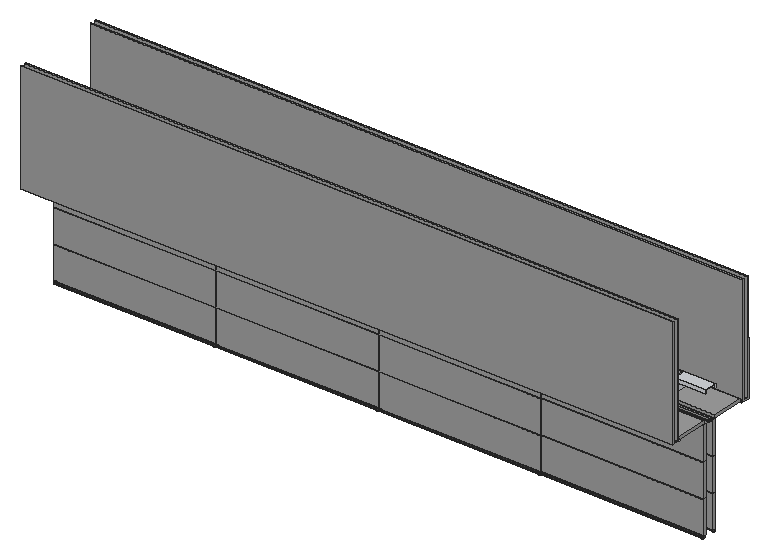
Revit family "Partition-3and1_Panels_High-Skyfold_Zenith_Premium-7-0_to_7-6_FC_2135_to_2285", category Generic Models, host Ceiling, Revit 2026 (continued)
Definition of nested family "2D Fold Panels"
  Definition of nested family "2D Int Panels"
    Lines and regions (in)
      model lines, in view "Ref. Level"
        curve 7: line (-17.26708, 0.66529, 0) -> (-17.87083, 0.62287, 0)
        curve 8: line (-17.87083, 0.62287, 0) -> (-17.87083, 0.75, 0)
        curve 9: line (-17.87083, 0.75, 0) -> (-17.55829, 0.75, 0)
        curve 10: line (-17.55829, 0.75, 0) -> (-17.55829, 2.25, 0)
        curve 11: line (-17.55829, 2.25, 0) -> (-26.32421, 2.25, 0)
        curve 12: line (-26.32421, 5.62447, 0) -> (-18.24583, 5.62447, 0)
        curve 13: line (-18.24583, 5.62447, 0) -> (-18.24583, 5.37447, 0)
        curve 14: line (-18.24583, 5.37447, 0) -> (-18.27783, 5.37447, 0)
        curve 15: line (-18.6207, 4.87447, 0) -> (-18.6207, 3.37447, 0)
        curve 16: line (-18.6207, 3.37447, 0) -> (-26.32421, 3.37447, 0)
        curve 17: line (-26.32421, 8.74947, 0) -> (-18.10103, 8.74947, 0)
        curve 18: line (-17.87053, 6.48506, 0) -> (-26.32421, 6.48506, 0)
      detail lines, in view "Ref. Level"
        curve 19: line (-18.27783, 5.55893, 0) -> (-18.27783, 5.37447, 0)
        curve 20: line (-18.77774, 5.57456, 0) -> (-18.29346, 5.57456, 0)
        curve 21: line (-18.77774, 4.87447, 0) -> (-18.77774, 5.57456, 0)
        curve 22: line (-18.77774, 4.87447, 0) -> (-18.6207, 4.87447, 0)
        curve 23: line (-17.87083, 0.25009, 0) -> (-17.87083, 0, 0)
        curve 24: line (-17.90283, 0.25009, 0) -> (-17.87083, 0.25009, 0)
        curve 25: line (-17.90283, 0.05, 0) -> (-17.90283, 0.25009, 0)
        curve 26: line (-18.40283, 0.05, 0) -> (-17.90283, 0.05, 0)
        curve 27: line (-18.40283, 0.75, 0) -> (-18.40283, 0.05, 0)
        curve 28: line (-18.40283, 0.75, 0) -> (-17.55829, 0.75, 0)
        curve 29: line (-17.87053, 6.49947, 0) -> (-17.87053, 6.74949, 0)
        curve 30: line (-17.87053, 6.74949, 0) -> (-17.07053, 6.74949, 0)
        curve 31: line (-17.07053, 6.74949, 0) -> (-17.07053, 6.78149, 0)
        curve 32: line (-17.07053, 6.78149, 0) -> (-18.10103, 6.78149, 0)
        curve 33: line (-18.10103, 6.78149, 0) -> (-18.10103, 8.74947, 0)
        curve 34: line (-20.65244, 12.74947, 0) -> (-17.4332, 12.74947, 0)
        curve 35: line (-20.65244, 12.74947, 0) -> (-17.4332, 12.74947, 0)
        curve 36: line (-20.15244, 12.24947, 0) -> (-20.12044, 12.24947, 0)
        curve 37: line (-20.12044, 11.9993, 0) -> (-20.12044, 12.24947, 0)
        curve 38: line (-20.15244, 12.24947, 0) -> (-20.15244, 12.04917, 0)
        curve 39: line (-20.65244, 12.04917, 0) -> (-20.65244, 12.74947, 0)
        curve 40: line (-17.4332, 13.68697, 0) -> (-17.4332, 12.74947, 0)
        curve 41: line (-18.23273, 13.68697, 0) -> (-17.4332, 13.68697, 0)
        curve 42: line (-18.86038, 14.24947, 0) -> (-18.23273, 13.68697, 0)
        curve 43: line (-26.32421, 11.9993, 0) -> (-20.12044, 11.9993, 0)
        curve 44: line (-26.32421, 14.24947, 0) -> (-18.86038, 14.24947, 0)
        curve 45: line (-20.65244, 12.04917, 0) -> (-20.15244, 12.04917, 0)
Definition of nested family "2D Unfold Panels"
  Parameters (values of type "Unfold panels")
    Wall thickness = 0' - 11 3/4"
    Total Panel Height = (Panel height * 3) + 0' 1"  # 7' - 0 5/8"
    Panel height = 2' - 3 7/8"
    Horizontal Panel Length = Panel height - 0' 1"  # 2' - 2 7/8"
    Height Distance Between  Panels = Panel height + 0' 0 1/2"  # 2' - 4 3/8"
    Assembly Code = ""
  Reference planes (in)
    plane 1: z = 0
    plane 2 "Center (Left/Right)": x = 0.69511
    plane 3: y = 64.46875
    plane 4: y = 36.09375
    plane 5: y = 8.21875
    plane 6: y = 92.84375
    plane 7: x = -5.17989
    plane 8: x = 6.57011
    plane 9: y = 93.71875
    plane 10: x = 6.29128
    plane 11: x = -4.90072
    plane 12: x = 33.16628
    plane 13: x = -31.77572
  Lines and regions (in)
    detail lines, in view "Ref. Level"
      curve 1: line (-5.17989, 88.56609, 0) -> (-5.17989, 66.65819, 0)
      curve 2: line (-2.92978, 88.84734, 0) -> (-2.92978, 66.93944, 0)
      curve 3: line (-5.17989, 61.43364, 0) -> (-5.17989, 38.40819, 0)
      curve 4: line (-2.92978, 61.46794, 0) -> (-2.92978, 38.40819, 0)
      curve 5: line (4.31999, 38.40819, 0) -> (4.31999, 61.43364, 0)
      curve 6: line (6.57011, 61.33844, 0) -> (6.57011, 38.31299, 0)
      curve 7: line (-2.92978, 33.32161, 0) -> (-2.92978, 9.92473, 0)
      curve 8: line (-5.17989, 9.92473, 0) -> (-5.17989, 33.32161, 0)
      curve 9: line (6.57011, 88.56609, 0) -> (6.57011, 66.65819, 0)
      curve 10: line (4.31999, 88.56609, 0) -> (4.31999, 66.65819, 0)
      curve 11: line (4.31999, 33.32161, 0) -> (4.31999, 9.92473, 0)
      curve 12: line (6.57011, 9.92473, 0) -> (6.57011, 33.32161, 0)
      curve 13: line (9.63119, 93.71875, 0) -> (30.86394, 93.71875, 0)
      curve 14: line (9.63119, 95.96886, 0) -> (31.06869, 95.96886, 0)
      curve 15: line (-8.24097, 93.71875, 0) -> (-29.21749, 93.71875, 0)
      curve 16: line (-8.24097, 95.96886, 0) -> (-29.42224, 95.96886, 0)
  Dimensions and locks (in)
    "Wall thickness": plane 7 to plane 8
    equal spacing: plane 7, plane 2 "Center (Left/Right)", plane 8
    "Height Distance Between  Panels": plane 6 to plane 3
    "Height Distance Between  Panels": plane 4 to plane 3
    plane 10 to plane 8 = 0' - 0.27882"
    plane 7 to plane 11 = 0' - 0.27918"
    "Horizontal Panel Length": plane 13 to plane 11
    "Horizontal Panel Length": plane 10 to plane 12
    "Panel height": plane 5 to plane 4
    aligned and locked: plane 2 "Center (Left/Right)" to nested 1
    aligned and locked: plane 2 "Center (Left/Right)" to nested 2
    aligned and locked: plane 2 "Center (Left/Right)" to nested 3
    aligned and locked: plane 2 "Center (Left/Right)" to nested 4
    aligned: plane 4 to nested 3
    aligned: nested 3 to plane 4
    aligned and locked: curve 8 to nested 2
    aligned and locked: curve 7 to nested 2
    aligned and locked: nested 3 to curve 4
    aligned and locked: curve 1 to plane 7
    aligned and locked: curve 3 to plane 7
    aligned and locked: curve 4 to nested 3
    aligned and locked: curve 6 to plane 8
    aligned and locked: plane 6 to nested 4
    aligned and locked: plane 5 to nested 1
    aligned and locked: nested 2 to plane 4
    aligned and locked: plane 10 to nested 5
    aligned and locked: plane 9 to nested 5
    aligned and locked: nested 6 to plane 9
    aligned and locked: plane 12 to nested 6
    aligned and locked: curve 13 to nested 6
    aligned and locked: curve 14 to nested 6
    aligned and locked: plane 11 to nested 7
    aligned and locked: plane 13 to nested 8
    aligned and locked: plane 9 to nested 7
    aligned and locked: nested 7 to curve 15
    aligned and locked: curve 16 to nested 8
    aligned and locked: plane 3 to nested 3
  Automatic sketch dimensions
    curve 12 to plane 8 = 0' - 0"
    curve 9 to plane 8 = 0' - 0"
    curve 6 to plane 8 = 0' - 0"
    curve 15 to plane 7 = 0' - 3.06108"
    curve 16 to curve 15 = 0' - 0"
    plane 13 to curve 15 = 0' - 2.55823"
    curve 16 to curve 15 = 0' - 0.20475"
    plane 11 to curve 2 = 0' - 1.97094"
    curve 5 to plane 10 = 0' - 1.97129"
    curve 10 to plane 10 = 0' - 1.97129"
    curve 11 to plane 10 = 0' - 1.97129"
    plane 8 to curve 13 = 0' - 3.06108"
    curve 14 to curve 13 = 0' - 0"
    curve 13 to plane 12 = 0' - 2.30235"
    curve 14 to plane 12 = 0' - 2.0976"
    plane 3 to curve 5 = 0' - 3.03511"
    curve 3 to curve 4 = 0' - 0.0343"
    curve 6 to curve 5 = 0' - 0.0952"
    curve 3 to plane 4 = 0' - 2.31444"
    curve 5 to plane 4 = 0' - 2.31444"
    curve 3 to curve 4 = 0' - 0"
    curve 6 to plane 4 = 0' - 2.21924"
    plane 4 to curve 12 = 0' - 2.77214"
    plane 4 to curve 7 = 0' - 2.77214"
    curve 11 to curve 12 = 0' - 0"
    curve 8 to curve 7 = 0' - 0"
    curve 12 to plane 5 = 0' - 1.70598"
    curve 8 to plane 5 = 0' - 1.70598"
    curve 7 to plane 5 = 0' - 1.70598"
    curve 11 to plane 5 = 0' - 1.70598"
    curve 9 to plane 3 = 0' - 2.18944"
    curve 10 to curve 9 = 0' - 0"  (x2)
    curve 1 to plane 3 = 0' - 2.18944"
    curve 1 to curve 2 = 0' - 0 9/32"  (x2)
    curve 10 to plane 6 = 0' - 4.27766"
    curve 1 to plane 6 = 0' - 4.27766"
  Nested families (in)
    nested 1: "vert fin bas" at (0.87658, 12.49357, 0), type "vert fin bas", in view "Ref. Level"
    nested 2: "vert levres" at (0.81369, 32.9041, 0), type "vert levres", in view "Ref. Level"
    nested 3: "vert biseau" at (-2.10712, 61.46794, 0), type "vert biseau", in view "Ref. Level"
    nested 4: "vert fin haut" at (1.9037, 88.56893, 0), type "vert fin haut", in view "Ref. Level"
    nested 5: "Horizontal panel Start" at (6.47276, 93.71875, 0), type "Horizontal panel Start", in view "Ref. Level"
    nested 6: "Horizontal panel End" at (33.34776, 93.71875, 0), type "Horizontal panel End", in view "Ref. Level"
    nested 7: "Horizontal panel Start" at (-5.08219, 93.71875, 0) x (-1, 0, 0) z (0, 0, 1), type "Horizontal panel Start", in view "Ref. Level"
    nested 8: "Horizontal panel End" at (-31.95719, 93.71875, 0) x (-1, 0, 0) z (0, 0, 1), type "Horizontal panel End", in view "Ref. Level"
  Definition of nested family "vert fin bas"
    Parameters
      Wall thickness = 0' - 11 3/4"
      Assembly Code = ""
    Reference planes (in)
      plane 1 "Center (Front/Back)": y = 0
      plane 2: z = 0
      plane 3 "Center (Left/Right)": x = -0.18147
      plane 4: x = -6.05647
      plane 5: x = 5.69353
    Lines and regions (in)
      model lines, in view "Ref. Level"
        curve 1: arc (-6.04661, -5.84526, 0) -> (-5.61693, -6.27494, 0) -> (-5.18725, -5.84526, 0) r 0.42968
        curve 2: line (-6.05647, 0.00284, 0) -> (-6.05647, -4.27482, 0)
        curve 3: line (-6.05647, -4.27482, 0) -> (-5.80646, -4.27482, 0)
        curve 4: line (-5.80646, -4.27482, 0) -> (-6.04661, -5.84526, 0)
        curve 5: line (-5.18725, -5.84526, 0) -> (-5.4363, -4.24357, 0)
        curve 6: line (-5.4363, -4.24357, 0) -> (-4.82716, -4.24357, 0)
        curve 7: line (-4.82716, -4.24357, 0) -> (-3.80636, -3.22277, 0)
        curve 8: line (-3.80636, -3.22277, 0) -> (-3.80636, 0.00284, 0)
        curve 9: arc (0.31854, -6.01609, 0) -> (0.67056, -5.87118, 0) -> (0.81855, -5.52045, 0) r 0.50003
        curve 10: arc (0.81855, -5.52045, 0) -> (0.80449, -5.43168, 0) -> (0.75606, -5.35598, 0) r 0.21963
        curve 11: arc (-1.11903, -5.35598, 0) -> (-1.16746, -5.43168, 0) -> (-1.18152, -5.52045, 0) r 0.21963
        curve 12: arc (-1.18152, -5.52045, 0) -> (-1.03353, -5.87118, 0) -> (-0.68151, -6.01609, 0) r 0.50003
        curve 13: arc (-0.4315, -4.98096, 0) -> (-0.3431, -4.94435, 0) -> (-0.30649, -4.85595, 0) r 0.12501
        curve 14: arc (-0.05648, -4.85595, 0) -> (-0.01987, -4.94435, 0) -> (0.06853, -4.98096, 0) r 0.12501
        curve 15: arc (-1.18153, -4.85595, 0) -> (-1.26993, -4.89257, 0) -> (-1.30654, -4.98096, 0) r 0.12501
        curve 16: arc (-1.30654, -5.51606, 0) -> (-1.12347, -5.95803, 0) -> (-0.68151, -6.14109, 0) r 0.62503
        curve 17: arc (0.31854, -6.14109, 0) -> (0.7605, -5.95803, 0) -> (0.94357, -5.51606, 0) r 0.62503
        curve 18: arc (0.94357, -4.98096, 0) -> (0.90696, -4.89257, 0) -> (0.81857, -4.85595, 0) r 0.12501
        curve 19: line (-0.68151, -6.01609, 0) -> (0.31854, -6.01609, 0)
        curve 20: line (0.75606, -5.35598, 0) -> (-1.11903, -5.35598, 0)
        curve 21: line (0.06853, -4.98096, 0) -> (0.81857, -4.98096, 0)
        curve 22: line (0.81857, -4.98096, 0) -> (0.81857, -5.23097, 0)
        curve 23: line (0.81857, -5.23097, 0) -> (-1.18153, -5.23097, 0)
        curve 24: line (-1.18153, -5.23097, 0) -> (-1.18153, -4.98096, 0)
        curve 25: line (-1.18153, -4.98096, 0) -> (-0.4315, -4.98096, 0)
        curve 26: line (-0.30649, -4.85595, 0) -> (-0.30649, -3.23087, 0)
        curve 27: line (-0.30649, -3.23087, 0) -> (-0.05648, -3.23087, 0)
        curve 28: line (-0.05648, -3.23087, 0) -> (-0.05648, -4.85595, 0)
        curve 29: line (-0.93152, -4.98096, 0) -> (-0.93152, -4.85595, 0)
        curve 30: line (-0.93152, -4.85595, 0) -> (-1.18153, -4.85595, 0)
        curve 31: line (-1.30654, -4.98096, 0) -> (-1.30654, -5.51606, 0)
        curve 32: line (-0.68151, -6.14109, 0) -> (0.31854, -6.14109, 0)
        curve 33: line (0.94357, -5.51606, 0) -> (0.94357, -4.98096, 0)
        curve 34: line (0.81857, -4.85595, 0) -> (0.56855, -4.85595, 0)
        curve 35: line (0.56855, -4.85595, 0) -> (0.56855, -4.98096, 0)
      detail lines, in view "Ref. Level"
        curve 36: arc (5.68367, -5.84526, 0) -> (5.25399, -6.27494, 0) -> (4.8243, -5.84526, 0) r 0.42968
        curve 37: line (5.69353, 0.00284, 0) -> (5.69353, -4.27482, 0)
        curve 38: line (5.69353, -4.27482, 0) -> (5.44351, -4.27482, 0)
        curve 39: line (5.44351, -4.27482, 0) -> (5.68367, -5.84526, 0)
        curve 40: line (4.8243, -5.84526, 0) -> (5.07336, -4.24357, 0)
        curve 41: line (5.07336, -4.24357, 0) -> (4.46422, -4.24357, 0)
        curve 42: line (4.46422, -4.24357, 0) -> (3.44341, -3.22277, 0)
        curve 43: line (3.44341, -3.22277, 0) -> (3.44341, 0.00284, 0)
    Dimensions and locks (in)
      equal spacing: plane 4, plane 3 "Center (Left/Right)", plane 5
      "Wall thickness": plane 4 to plane 5
    Automatic sketch dimensions
      curve 9 to curve 17 = 0' - 0"  (x2)
      curve 12 to curve 16 = 0' - 0"  (x2)
      curve 2 to plane 4 = 0' - 0"
      curve 37 to plane 5 = 0' - 0"
      plane 4 to curve 4 = 0' - 0.00986"
      curve 2 to curve 4 = 0' - 0 1/4"
      curve 1 to curve 1 = 0' - 0 55/128"
      curve 3 to curve 5 = 0' - 0.37016"
      curve 5 to curve 6 = 0' - 0.60914"
      curve 6 to curve 8 = 0' - 1.0208"
      curve 31 to plane 3 "Center (Left/Right)" = 0' - 1.12507"
      curve 15 to curve 24 = 0' - 0 1/8"
      curve 15 to curve 24 = 0' - 0"  (x2)
      curve 31 to curve 11 = 0' - 0.12503"
      curve 23 to curve 20 = 0' - 0 1/16"
      curve 20 to curve 11 = 0' - 0.15689"
      curve 24 to curve 29 = 0' - 0 1/4"
      curve 12 to plane 3 "Center (Left/Right)" = 0' - 0.50004"
      curve 13 to plane 3 "Center (Left/Right)" = 0' - 0.25002"
      curve 26 to plane 3 "Center (Left/Right)" = 0' - 0 1/8"
      plane 3 "Center (Left/Right)" to curve 28 = 0' - 0 1/8"
      curve 14 to curve 21 = 0' - 0 1/8"
      plane 3 "Center (Left/Right)" to curve 32 = 0' - 0 1/2"
      curve 14 to curve 34 = 0' - 0.50002"
      curve 9 to curve 10 = 0' - 0.28063"
      curve 10 to curve 20 = 0' - 0.15689"
      curve 20 to curve 10 = 0' - 0 1/16"
      curve 35 to curve 21 = 0' - 0 1/4"
      curve 18 to curve 21 = 0' - 0"
      curve 9 to curve 17 = 0' - 0.12503"
      curve 43 to plane 5 = 0' - 2.25011"
      curve 42 to plane 5 = 0' - 1.22931"
      curve 40 to plane 5 = 0' - 0.86922"
      curve 41 to curve 40 = 0' - 0.60914"
      curve 36 to curve 36 = 0' - 0 55/128"
      curve 38 to plane 5 = 0' - 0 1/4"
      plane 1 "Center (Front/Back)" to curve 32 = 0' - 6.14109"
      curve 16 to curve 19 = 0' - 0 1/8"
      curve 36 to curve 33 = 0' - 0.3292"
      curve 5 to curve 16 = 0' - 0.3292"
      curve 11 to curve 11 = 0' - 0.01076"
      curve 10 to curve 23 = 0' - 0 1/8"
      curve 22 to curve 33 = 0' - 0 1/4"
      curve 12 to curve 25 = 0' - 0.5351"
      curve 14 to curve 13 = 0' - 0 1/8"
      curve 1 to curve 3 = 0' - 1.57044"
      curve 36 to curve 39 = 0' - 1.57044"
      curve 38 to curve 42 = 0' - 0 1/32"
      curve 3 to curve 7 = 0' - 0 1/32"
      curve 13 to curve 26 = 0' - 1.62508"
      curve 41 to curve 42 = 0' - 1.0208"
      curve 6 to curve 7 = 0' - 1.0208"
      curve 8 to plane 1 "Center (Front/Back)" = 0' - 0.00284"
      curve 37 to plane 1 "Center (Front/Back)" = 0' - 0.00284"
      curve 2 to plane 1 "Center (Front/Back)" = 0' - 0.00284"
      curve 43 to plane 1 "Center (Front/Back)" = 0' - 0.00284"
  Definition of nested family "vert levres"
    Parameters (values of type "vert levres")
      Wall thickness = 0' - 11 3/4"
      Assembly Code = ""
    Reference planes (in)
      plane 1 "Center (Front/Back)": y = 0
      plane 2: z = 0
      plane 3 "Center (Left/Right)": x = -0.11858
      plane 4: x = -5.99358
      plane 5: x = 5.75642
    Lines and regions (in)
      model lines, in view "Ref. Level"
        curve 1: line (-4.54549, 3.18965, 0) -> (-5.99358, 3.18965, 0)
        curve 2: line (-5.99358, 3.18965, 0) -> (-5.99358, -0.10051, 0)
        curve 3: line (-5.99358, 6.75409, 0) -> (-5.99358, 3.68967, 0)
        curve 4: line (-5.99358, 3.68967, 0) -> (-4.54551, 3.68967, 0)
        curve 5: line (-3.74347, 4.49171, 0) -> (-3.74347, 6.75409, 0)
        curve 6: line (-3.74347, -0.10051, 0) -> (-3.74347, 2.38763, 0)
        curve 7: line (-3.74347, 2.38763, 0) -> (-4.54549, 3.18965, 0)
      detail lines, in view "Ref. Level"
        curve 8: line (4.30837, 3.18965, 0) -> (5.75642, 3.18965, 0)
        curve 9: line (5.75642, 3.18965, 0) -> (5.75642, -0.10051, 0)
        curve 10: line (5.75642, 6.75409, 0) -> (5.75642, 3.68967, 0)
        curve 11: line (5.75642, 3.68967, 0) -> (4.30837, 3.68967, 0)
        curve 12: line (3.5063, 4.49174, 0) -> (3.5063, 6.75409, 0)
        curve 13: line (3.5063, -0.10051, 0) -> (3.5063, 2.38759, 0)
        curve 14: line (3.5063, 2.38759, 0) -> (4.30837, 3.18965, 0)
        curve 15: line (-4.54551, 3.68967, 0) -> (-3.74347, 4.49171, 0)
        curve 16: line (4.30837, 3.68967, 0) -> (3.5063, 4.49174, 0)
    Dimensions and locks (in)
      equal spacing: plane 4, plane 3 "Center (Left/Right)", plane 5
      "Wall thickness": plane 4 to plane 5
    Automatic sketch dimensions
      curve 1 to plane 4 = 0' - 0"
      curve 3 to plane 4 = 0' - 0"
      curve 9 to plane 5 = 0' - 0"
      curve 11 to plane 5 = 0' - 0"
      plane 4 to curve 1 = 0' - 1.4481"
      curve 1 to curve 6 = 0' - 0.80202"
      curve 14 to plane 5 = 0' - 2.25011"
      curve 16 to curve 13 = 0' - 0"
      curve 12 to curve 16 = 0' - 0.80206"
      curve 13 to plane 1 "Center (Front/Back)" = 0' - 2.38759"
      curve 7 to plane 1 "Center (Front/Back)" = 0' - 2.38763"
      curve 6 to curve 2 = 0' - 0.80202"
      curve 1 to curve 3 = 0' - 0.50002"
      curve 8 to curve 16 = 0' - 0.50002"
      curve 11 to curve 12 = 0' - 0.80206"
      curve 4 to curve 1 = 0' - 0.00002"
      curve 15 to curve 4 = 0' - 0"  (x2)
      curve 3 to curve 5 = 0' - 2.25011"
      curve 15 to curve 5 = 0' - 0"
      curve 14 to curve 11 = 0' - 0"
      plane 1 "Center (Front/Back)" to curve 2 = 0' - 0.10051"
      plane 1 "Center (Front/Back)" to curve 6 = 0' - 0.10051"
      plane 1 "Center (Front/Back)" to curve 13 = 0' - 0.10051"
      plane 1 "Center (Front/Back)" to curve 9 = 0' - 0.10051"
      curve 4 to curve 15 = 0' - 0.80204"
      curve 5 to curve 15 = 0' - 0"
      curve 12 to curve 12 = 0' - 2.26235"
      curve 12 to curve 10 = 0' - 0"
      curve 15 to curve 5 = 0' - 2.26237"
      curve 3 to curve 5 = 0' - 0"
      curve 13 to curve 9 = 0' - 0.80206"
  Definition of nested family "vert biseau"
    Parameters (values of type "vert biseau")
      Wall thickness = 0' - 11 3/4"
      Assembly Code = ""
    Reference planes (in)
      plane 1 "Center (Front/Back)": y = 0
      plane 2: z = 0
      plane 3 "Center (Left/Right)": x = 2.80223
      plane 4: x = -3.07277
      plane 5: x = 8.67723
    Lines and regions (in)
      model lines, in view "Ref. Level"
        curve 1: line (-0.82266, -0.0343, 0) -> (-0.82266, 2.48352, 0)
        curve 2: line (-2.82284, 3.00081, 0) -> (-3.07277, 3.00081, 0)
        curve 3: line (-3.07277, 3.00081, 0) -> (-3.07277, -0.0343, 0)
      detail lines, in view "Ref. Level"
        curve 4: line (6.42711, -0.0343, 0) -> (6.42711, 2.48352, 0)
        curve 5: line (8.42724, 3.00081, 0) -> (8.67723, 3.00081, 0)
        curve 6: line (8.67723, 3.00081, 0) -> (8.67723, -0.0343, 0)
        curve 7: line (8.67723, 7.20679, 0) -> (8.67723, 3.50083, 0)
        curve 8: line (6.42711, 4.03275, 0) -> (6.42711, 7.20679, 0)
        curve 9: line (8.62738, 4.03275, 0) -> (6.42711, 4.03275, 0)
        curve 10: line (8.62738, 3.53283, 0) -> (8.62738, 4.03275, 0)
        curve 11: line (8.42729, 3.53283, 0) -> (8.62738, 3.53283, 0)
        curve 12: line (8.67723, 3.50083, 0) -> (8.42729, 3.50083, 0)
        curve 13: line (8.42729, 3.50083, 0) -> (8.42729, 3.53283, 0)
        curve 14: line (8.67723, 3.50083, 0) -> (8.67723, 7.20679, 0)
        curve 15: line (-3.07277, 7.20679, 0) -> (-3.07277, 3.50083, 0)
        curve 16: line (-0.82266, 4.03275, 0) -> (-0.82266, 7.20679, 0)
        curve 17: line (-3.02293, 4.03275, 0) -> (-0.82266, 4.03275, 0)
        curve 18: line (-3.02293, 3.53283, 0) -> (-3.02293, 4.03275, 0)
        curve 19: line (-2.82284, 3.53283, 0) -> (-3.02293, 3.53283, 0)
        curve 20: line (-3.07277, 3.50083, 0) -> (-2.82284, 3.50083, 0)
        curve 21: line (-2.82284, 3.50083, 0) -> (-2.82284, 3.53283, 0)
        curve 22: line (-3.07277, 3.50083, 0) -> (-3.07277, 7.20679, 0)
        curve 23: line (-2.82276, 2.48352, 0) -> (-2.82276, 3.00155, 0)
        curve 24: line (-0.82266, 2.48352, 0) -> (-2.82276, 2.48352, 0)
        curve 25: line (8.42724, 2.48352, 0) -> (8.42724, 3.00081, 0)
        curve 26: line (6.42711, 2.48352, 0) -> (8.42724, 2.48352, 0)
    Dimensions and locks (in)
      equal spacing: plane 4, plane 3 "Center (Left/Right)", plane 5
      "Wall thickness": plane 4 to plane 5
    Automatic sketch dimensions
      curve 22 to plane 4 = 0' - 0"
      curve 2 to plane 4 = 0' - 0"
      curve 14 to plane 5 = 0' - 0"
      curve 6 to plane 5 = 0' - 0"
      plane 4 to curve 18 = 0' - 0.04985"
      curve 18 to curve 20 = 0' - 0.20009"
      plane 4 to curve 23 = 0' - 0 1/4"
      curve 19 to curve 16 = 0' - 2.00018"
      curve 26 to plane 5 = 0' - 2.25011"
      curve 25 to curve 5 = 0' - 0 1/4"
      curve 13 to plane 5 = 0' - 0.24994"
      curve 11 to plane 5 = 0' - 0.04985"
      curve 24 to plane 1 "Center (Front/Back)" = 0' - 2.48352"
      curve 26 to plane 1 "Center (Front/Back)" = 0' - 2.48352"
      curve 25 to curve 25 = 0' - 0.51729"
      curve 23 to curve 3 = 0' - 0.51729"
      curve 2 to curve 20 = 0' - 0.50003"
      curve 5 to curve 12 = 0' - 0.50003"
      curve 20 to curve 21 = 0' - 0.032"
      curve 7 to curve 11 = 0' - 0.032"
      curve 24 to curve 17 = 0' - 1.54923"
      curve 10 to curve 10 = 0' - 0.49991"
      curve 9 to curve 14 = 0' - 3.17404"
      curve 2 to curve 23 = 0' - 0.00008"
      plane 1 "Center (Front/Back)" to curve 1 = 0' - 0.0343"
      plane 4 to curve 1 = 0' - 2.25011"
      curve 24 to curve 1 = 0' - 0"
      curve 9 to curve 4 = 0' - 0"
      plane 1 "Center (Front/Back)" to curve 6 = 0' - 0.0343"
      plane 1 "Center (Front/Back)" to curve 3 = 0' - 0.0343"
      plane 1 "Center (Front/Back)" to curve 4 = 0' - 0.0343"
      curve 1 to curve 24 = 0' - 0"
      curve 2 to curve 23 = 0' - 0.00074"
      curve 16 to curve 16 = 0' - 3.17404"
      curve 15 to curve 16 = 0' - 0"
      curve 8 to curve 7 = 0' - 0"
      curve 22 to curve 15 = 0' - 0"
  Definition of nested family "vert fin haut"
    Parameters (values of type "vert fin haut")
      Wall thickness = 0' - 11 3/4"
      Assembly Code = ""
    Reference planes (in)
      plane 1 "Center (Front/Back)": y = 0
      plane 2: z = 0
      plane 3 "Center (Left/Right)": x = -1.20859
      plane 4: x = -7.08359
      plane 5: x = 4.66641
    Lines and regions (in)
      detail lines, in view "Ref. Level"
        curve 1: line (-7.08359, -0.00284, 0) -> (-7.08359, 4.27482, 0)
        curve 2: line (4.66641, -0.00284, 0) -> (4.66641, 4.27482, 0)
        curve 3: line (4.66641, 4.27482, 0) -> (4.41615, 4.27482, 0)
        curve 4: line (2.41647, 0, 0) -> (2.41647, 3.05686, 0)
        curve 5: line (2.41647, 3.05686, 0) -> (3.91654, 3.05686, 0)
        curve 6: line (3.91654, 3.05686, 0) -> (3.91654, 3.74293, 0)
        curve 7: line (3.91654, 3.74293, 0) -> (4.61641, 3.74293, 0)
        curve 8: line (4.61641, 3.74293, 0) -> (4.61641, 4.24286, 0)
        curve 9: line (4.61641, 4.24286, 0) -> (4.41615, 4.24286, 0)
        curve 10: line (4.41615, 4.24286, 0) -> (4.41615, 4.27482, 0)
        curve 11: line (-7.08359, 4.27482, 0) -> (-6.83333, 4.27482, 0)
        curve 12: line (-4.83366, 0, 0) -> (-4.83366, 3.05686, 0)
        curve 13: line (-4.83366, 3.05686, 0) -> (-6.33372, 3.05686, 0)
        curve 14: line (-6.33372, 3.05686, 0) -> (-6.33372, 3.74293, 0)
        curve 15: line (-6.33372, 3.74293, 0) -> (-7.03359, 3.74293, 0)
        curve 16: line (-7.03359, 3.74293, 0) -> (-7.03359, 4.24286, 0)
        curve 17: line (-7.03359, 4.24286, 0) -> (-6.83333, 4.24286, 0)
        curve 18: line (-6.83333, 4.24286, 0) -> (-6.83333, 4.27482, 0)
    Dimensions and locks (in)
      equal spacing: plane 4, plane 3 "Center (Left/Right)", plane 5
      "Wall thickness": plane 4 to plane 5
      aligned and locked: plane 5 to curve 2
    Automatic sketch dimensions
      curve 1 to plane 4 = 0' - 0"
      plane 1 "Center (Front/Back)" to curve 12 = 0' - 0"
      plane 1 "Center (Front/Back)" to curve 4 = 0' - 0"
      plane 4 to curve 15 = 0' - 0.05"
      curve 16 to curve 18 = 0' - 0.20026"
      curve 17 to curve 14 = 0' - 0.49961"
      curve 13 to curve 12 = 0' - 1.50007"
      plane 5 to curve 5 = 0' - 2.24994"
      plane 5 to curve 6 = 0' - 0.74987"
      plane 5 to curve 9 = 0' - 0.25026"
      plane 5 to curve 8 = 0' - 0.05"
      curve 16 to plane 1 "Center (Front/Back)" = 0' - 3.74293"
      curve 8 to plane 1 "Center (Front/Back)" = 0' - 3.74293"
      curve 5 to curve 6 = 0' - 0.68606"
      curve 14 to curve 14 = 0' - 0.68606"
      curve 15 to curve 17 = 0' - 0.49994"
      curve 7 to curve 10 = 0' - 0.49994"
      curve 16 to curve 11 = 0' - 0.03196"
      curve 8 to curve 3 = 0' - 0.03196"
      plane 1 "Center (Front/Back)" to curve 1 = 0' - 0.00284"
      plane 1 "Center (Front/Back)" to curve 2 = 0' - 0.00284"
  Definition of nested family "Horizontal panel Start"
    Parameters (values of type "Horizontal panel Start")
      Wall thickness = 0' - 11 3/4"
      Assembly Code = ""
    Reference planes (in)
      plane 1 "Center (Front/Back)": y = 0
      plane 2: z = 0
      plane 3 "Center (Left/Right)": x = -0.18147
    Lines and regions (in)
      detail lines, in view "Ref. Level"
        curve 1: line (4.09619, 0, 0) -> (-0.18147, 0, 0)
        curve 2: line (-1.44177, 2.25011, 0) -> (4.09619, 2.25011, 0)
        curve 3: line (-1.44177, 2.25011, 0) -> (-2.063, 1.68767, 0)
        curve 4: line (-2.063, 1.68767, 0) -> (-2.86897, 1.68767, 0)
        curve 5: line (-2.86897, 1.68767, 0) -> (-2.86897, 0.75017, 0)
        curve 6: line (0.35053, 0.75017, 0) -> (0.35053, 0.05009, 0)
        curve 7: line (0.35053, 0.05009, 0) -> (-0.14947, 0.05009, 0)
        curve 8: line (-0.14947, 0.05009, 0) -> (-0.14947, 0.25017, 0)
        curve 9: line (-0.14947, 0.25017, 0) -> (-0.18147, 0.25017, 0)
        curve 10: line (-0.18147, 0.25017, 0) -> (-0.18147, 0, 0)
        curve 11: line (-2.86897, 0.75017, 0) -> (0.35053, 0.75017, 0)
  Definition of nested family "Horizontal panel End"
    Parameters (values of type "Horizontal panel End")
      Wall thickness = 0' - 11 3/4"
      Assembly Code = ""
    Reference planes (in)
      plane 1 "Center (Front/Back)": y = 0
      plane 2: z = 0
      plane 3 "Center (Left/Right)": x = -0.18147
    Lines and regions (in)
      model lines, in view "Ref. Level"
        curve 1: line (-4.45914, 0, 0) -> (-0.18147, 0, 0)
        curve 2: line (-0.18147, 0, 0) -> (-0.18147, 0.25001, 0)
        curve 3: line (-0.24397, 0.75017, 0) -> (-0.24397, 2.25011, 0)
        curve 4: line (-0.24397, 2.25011, 0) -> (-4.45914, 2.25011, 0)
      detail lines, in view "Ref. Level"
        curve 5: line (0.81853, 0.28217, 0) -> (-0.33697, 0.28217, 0)
        curve 6: line (0.81853, 0.25017, 0) -> (0.81853, 0.28217, 0)
        curve 7: line (-0.18147, 0.25017, 0) -> (0.81853, 0.25017, 0)
        curve 8: line (-0.33697, 0.28217, 0) -> (-0.33697, 0.75009, 0)
        curve 9: line (-0.33697, 0.75009, 0) -> (-0.24397, 0.75009, 0)
Definition of nested family "Suspended Ceiling Component"
  Parameters
    Assembly Code = ""
  Reference planes (in)
    plane 1 "Centre (avant/arrière)": y = 0
    plane 2: z = 0
    plane 3 "Centre (gauche/droite)": x = 0
Definition of nested family "construction as per ASTM E557 Component"
  Parameters
    Assembly Code = ""
  Reference planes (in)
    plane 1 "Centre (avant/arrière)": y = 0
    plane 2: z = 0
    plane 3 "Centre (gauche/droite)": x = 0
Definition of nested family "Disclaimer Component"
  Parameters (values of type "Disclaimer Component")
    Assembly Code = ""
  Reference planes (in)
    plane 1 "Centre (avant/arrière)": y = 0
    plane 2: z = 0
    plane 3 "Centre (gauche/droite)": x = 0
Definition of nested family "Acoustic barrier note"
  Parameters (values of type "Acoustic barrier note")
    Assembly Code = ""
  Reference planes (in)
    plane 1 "Centre (avant/arrière)": y = 0
    plane 2: z = 0
    plane 3 "Centre (gauche/droite)": x = 0
